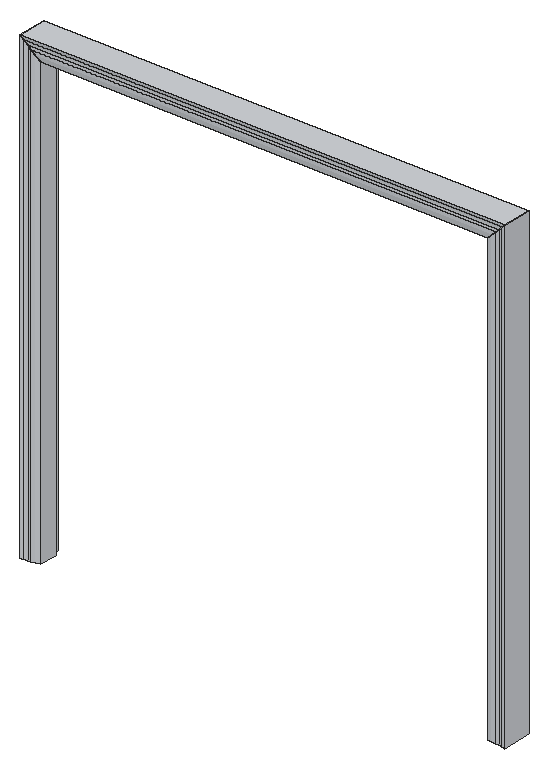
Revit family "Frame-100", category Doors, host Wall, Revit 2013
Parameters
  Version = "1.01"  # constant formula
  Throat Offset Interior [instance] = 0' - 0 1/2"
  Throat Offset Exterior [instance] = 0' - 0 1/2"
  Throat Depth Manual [instance] = 0' - 5"
  Throat Depth Actual [instance] = if(Throat By Wall Size, (Host Throat Report + Throat Offset Interior + Throat Offset Exterior), Throat Depth Manual)  # 0' - 5"
  Throat By Wall Size [instance] = yes
  Rough In Jamb Additional Width [instance] = 0' - 3"
  Rough In Head Additional Height [instance] = 0' - 3"
  Panel Thickness [instance] = 0' - 1.13446"
  Panel 2 Width [instance] = 4' - 0"
  Model = "Generice Frame"
  Manufacturer = "TruStile"  # constant formula
  Jamb Width = 0' - 3"
  Host Throat Report [instance] = 0' - 4"
  Host Push Side Inset Manual [instance] = 3' - 0"
  Host Push Side Inset Actual [instance] = if(Throat By Wall Size, 0' 0", Host Push Side Inset Manual)  # 0' - 0"
  Head Height = 0' - 3"
  Frame Panels Opening Width [instance] = 7' - 0"
  Frame Panels Opening Height [instance] = 7' - 0"
  Frame Finish Material [instance] = none
  Frame Cut Material = none
  Description = "Frame"
  Assembly Code = "C1020200"
  Analytic Construction = "<None>"
Reference planes (in)
  plane 1 "Center (Front/Back)": y = 0
  plane 2 "Center (Left/Right)": x = 0
  plane 3 "Wall Edge": y = 2
  plane 4 "Right": x = 42
  plane 5 "Left": x = -42
  plane 6 "Throat Rear": y = -2.5
  plane 7 "Throat/Panel Host": y = 2.5
  plane 8 "Wall Throat Rear (nohost)": y = -2.5
  plane 9 "Wall Thoat Front (nohost)": y = 2.5
  plane 10: z = 84
  plane 11: y = 2
  plane 12: y = -2
  plane 13: x = -45
  plane 14: x = 45
  plane 15: x = -48
  plane 16: x = 48
  plane 17: z = 87
  plane 18: z = 90
  plane 19 "Frame Mitre Rear": y = -3.5
  plane 20 "Frame Mitre Front": y = 3.5
Forms (in)
  Sweep 1, solid, material <- "Frame Cut Material"
    path origin (0, 2.5, 0) x (1, 0, 0) y (0, 0, 1)
      loop
        line (45, 0) -> (45, 87)
    profile origin (45, 2.5, 43.5) x (-1, 0, 0) y (0, -1, 0)
      loop
        arc (0, -0.5) -> (0.30951, -0.4788) -> (0.60982, -0.40093) r 1.67646
        arc (0.60982, -0.40093) -> (0.9491, -0.31059) -> (1.29885, -0.27979) r 2.03964
        arc (1.29885, -0.27979) -> (2.16074, -0.20866) -> (3, 0) r 5.36605
        line (3, 0) -> (3, 1.13446) -> (3.5, 1.13446) -> (3.5, 4.5)
        arc (3.5, 4.5) -> (2.71008, 4.70932) -> (1.89594, 4.77979) r 4.73798
        line (1.89594, 4.77979) -> (1.29885, 4.77979)
        arc (1.29885, 4.77979) -> (0.9491, 4.81059) -> (0.60982, 4.90093) r 2.03964
        arc (0.60982, 4.90093) -> (0.30951, 4.9788) -> (0, 5) r 1.67646
        line (0, 5) -> (0, -0.5)
  Sweep 2, solid, material <- "Frame Cut Material"
    path origin (0, 2.5, 0) x (-1, 0, 0) y (0, 0, 1)
      loop
        line (45, 0) -> (45, 87)
    profile origin (-45, 2.5, 43.5) x (-1, 0, 0) y (0, -1, 0)
      loop
        line (0, -0.5) -> (0, 5)
        arc (0, 5) -> (-0.30951, 4.9788) -> (-0.60982, 4.90093) r 1.67646
        arc (-0.60982, 4.90093) -> (-0.9491, 4.81059) -> (-1.29885, 4.77979) r 2.03964
        line (-1.29885, 4.77979) -> (-1.89594, 4.77979)
        arc (-1.89594, 4.77979) -> (-2.71008, 4.70932) -> (-3.5, 4.5) r 4.73798
        line (-3.5, 4.5) -> (-3.5, 1.13446) -> (-3, 1.13446) -> (-3, 0)
        arc (-3, 0) -> (-2.16074, -0.20866) -> (-1.29885, -0.27979) r 5.36605
        arc (-1.29885, -0.27979) -> (-0.9491, -0.31059) -> (-0.60982, -0.40093) r 2.03964
        arc (-0.60982, -0.40093) -> (-0.30951, -0.4788) -> (0, -0.5) r 1.67646
  Sweep 3, solid, material <- "Frame Cut Material"
    path origin (0, 2.5, 0) x (-1, 0, 0) y (0, 0, 1)
      loop
        line (45, 87) -> (-45, 87)
    profile origin (0, 2.5, 87) x (0, 0, 1) y (0, -1, 0)
      loop
        line (0, -0.5) -> (0, 5)
        arc (0, 5) -> (-0.30951, 4.9788) -> (-0.60982, 4.90093) r 1.67646
        arc (-0.60982, 4.90093) -> (-0.9491, 4.81059) -> (-1.29885, 4.77979) r 2.03964
        line (-1.29885, 4.77979) -> (-1.89594, 4.77979)
        arc (-1.89594, 4.77979) -> (-2.71008, 4.70932) -> (-3.5, 4.5) r 4.73798
        line (-3.5, 4.5) -> (-3.5, 1.13446) -> (-3, 1.13446) -> (-3, 0)
        arc (-3, 0) -> (-2.16074, -0.20866) -> (-1.29885, -0.27979) r 5.36605
        arc (-1.29885, -0.27979) -> (-0.9491, -0.31059) -> (-0.60982, -0.40093) r 2.03964
        arc (-0.60982, -0.40093) -> (-0.30951, -0.4788) -> (0, -0.5) r 1.67646
  Extrusion 4, void
    sketch origin (0, 2, 0) x (1, 0, 0) y (0, 0, 1)
      loop
        line (45, 87) -> (40.5, 87) -> (40.5, 82.5) -> (45, 87)
    from 5.5 to -1.5
  Extrusion 5, void
    sketch origin (0, 2, 0) x (1, 0, 0) y (0, 0, 1)
      loop
        line (45, 87) -> (40.5, 82.5) -> (45, 82.5) -> (45, 87)
    from 5.5 to -1.5
  Extrusion 6, void
    sketch origin (0, 2, 0) x (-1, 0, 0) y (0, 0, -1)
      loop
        line (45, -87) -> (40.5, -82.5) -> (40.5, -87) -> (45, -87)
    from 5.5 to -1.5
  Extrusion 7, void
    sketch origin (0, 2, 0) x (-1, 0, 0) y (0, 0, -1)
      loop
        line (45, -87) -> (45, -82.5) -> (40.5, -82.5) -> (45, -87)
    from 5.5 to -1.5
Cuts and joins
  Extrusion 4, Extrusion 6, Extrusion 7 cuts Sweep 1
  Extrusion 5, Extrusion 7 cuts Sweep 3
  Extrusion 6 cuts Sweep 2
Lines and regions (in)
  Opening 1
    outline origin (-60, -2, 0) x (1, 0, 0) y (0, 0, 1)
      loop
        line (108, 90) -> (12, 90) -> (12, 0) -> (108, 0) -> (108, 90)
Text (in)
  text "Placement Side" at (0, 40.15149, 123.01588), in view "Right"
  text "Placement Side" at (-86.8292, 93.20583, 0), in view "Ref. Level"
  text "Placement Side" at (0, 81.62555, 140.59947), in view "Left"
Dimensions and locks (in)
  locked: plane 3 "Wall Edge" to host wall
  equal spacing: plane 5 "Left", plane 2 "Center (Left/Right)", plane 4 "Right"
  "Host Push Side Inset Actual": plane 8 "Wall Throat Rear (nohost)" to plane 6 "Throat Rear"
  "Throat Depth Actual": plane 6 "Throat Rear" to plane 7 "Throat/Panel Host"
  "Throat Offset Interior": plane 8 "Wall Throat Rear (nohost)" to host wall
  "Throat Offset Exterior": plane 3 "Wall Edge" to plane 9 "Wall Thoat Front (nohost)"
  "Host Throat Report": host wall to host wall
  "Frame Panels Opening Height": level to plane 10
  "Throat Offset Exterior": plane 11 to plane 7 "Throat/Panel Host"
  "Throat Offset Interior": plane 6 "Throat Rear" to plane 12
  "Jamb Width": plane 13 to plane 5 "Left"
  "Jamb Width": plane 4 "Right" to plane 14
  "Frame Panels Opening Width": plane 5 "Left" to plane 4 "Right"
  "Rough In Jamb Additional Width": plane 15 to plane 13
  "Rough In Jamb Additional Width": plane 14 to plane 16
  "Head Height": plane 10 to plane 17
  "Rough In Head Additional Height": plane 17 to plane 18
  Sweep 1 sketch curve to Sweep 1 sketch curve to Sweep 1 sketch curve to Sweep 1 sketch curve to plane 6 "Throat Rear" to Sweep 1 sketch curve = 0' - 0.27979" locked, 0' - 0" locked, 0' - 0.12114" locked, 0' - 0.09907" locked, 0' - 0" locked
  Sweep 1 sketch curve to profile plane to Sweep 1 sketch curve to Sweep 1 sketch curve = 0' - 2.31943" locked, 0' - 1.17596" locked, 0' - 3.91029" locked
  Sweep 1 sketch curve to Sweep 1 sketch curve to profile plane to Sweep 1 sketch curve = 0' - 0.22021" locked, 0' - 0.27979" locked, 0' - 0" locked
  "Panel Thickness": profile plane to Sweep 1 sketch curve
  Sweep 2 sketch curve to Sweep 2 sketch curve to Sweep 2 sketch curve to Sweep 2 sketch curve to Sweep 2 sketch curve to plane 6 "Throat Rear" = 0' - 0.27979" locked, 0' - 0" locked, 0' - 0.12114" locked, 0' - 0.09907" locked, 0' - 0" locked
  Sweep 2 sketch curve to profile plane to Sweep 2 sketch curve to Sweep 2 sketch curve = 0' - 2.31943" locked, 0' - 1.17596" locked, 0' - 3.91029" locked
  Sweep 2 sketch curve to Sweep 2 sketch curve to profile plane to Sweep 2 sketch curve = 0' - 0.22021" locked, 0' - 0.27979" locked, 0' - 0" locked
  Sweep 3 sketch curve to plane 12 to Sweep 3 sketch curve to Sweep 3 sketch curve to Sweep 3 sketch curve to Sweep 3 sketch curve = 0' - 0" locked, 0' - 0.27979", 0' - 0" locked, 0' - 0.12114" locked, 0' - 0.09907" locked
  Sweep 3 sketch curve to profile plane to Sweep 3 sketch curve to Sweep 3 sketch curve = 0' - 2.31943" locked, 0' - 1.17596" locked, 0' - 3.91029" locked
  locked: plane 4 "Right" to Extrusion 4 sketch curve at 1.5
  locked: plane 20 "Frame Mitre Front" to plane 7 "Throat/Panel Host" at 1
  plane 6 "Throat Rear" to plane 19 "Frame Mitre Rear" = 0' - 1"
  locked: Extrusion 5 sketch curve to plane 10 at 1.5
  locked: plane 5 "Left" to Extrusion 6 sketch curve at 1.5
  locked: Extrusion 7 sketch curve to plane 10 at 1.5
  locked: Sweep 3 sketch curve to profile plane at 0.5
  "Panel Thickness": profile plane to Sweep 3 sketch curve
  "Panel Thickness": Sweep 2 sketch curve to profile plane
  locked: Extrusion 4 sketch curve to plane 17 (angle 45°)
  locked: plane 17 to Extrusion 6 sketch curve (angle 45°)
  locked: plane 10 to Extrusion 7 sketch curve (angle 45°)
  aligned and locked: Opening 1 sketch curve to plane 18
  aligned and locked: plane 16 to Opening 1 sketch curve
  aligned and locked: Opening 1 sketch curve to level
  aligned and locked: Opening 1 sketch curve to plane 15
  aligned and locked: level to Sweep 1 sketch curve
  aligned and locked: Sweep 1 sketch curve to plane 14
  aligned and locked: Sweep 2 sketch curve to plane 13
  aligned and locked: Sweep 3 sketch curve to plane 17
  aligned and locked: plane 17 to Sweep 1 sketch curve
  aligned and locked: plane 14 to Sweep 3 sketch curve
  aligned and locked: plane 13 to Sweep 3 sketch curve
  aligned and locked: Sweep 2 sketch curve to plane 17
  aligned and locked: plane 19 "Frame Mitre Rear" to Extrusion 4
  aligned and locked: Extrusion 4 to plane 20 "Frame Mitre Front"
  aligned and locked: Extrusion 5 to plane 20 "Frame Mitre Front"
  aligned and locked: plane 19 "Frame Mitre Rear" to Extrusion 5
  aligned and locked: Extrusion 6 to Extrusion 4  (x2)
  aligned and locked: Extrusion 7 to Extrusion 4  (x2)
  aligned and locked: Extrusion 5 sketch curve to plane 14
  aligned and locked: plane 17 to Extrusion 4 sketch curve
  aligned and locked: Extrusion 7 sketch curve to plane 13
  aligned and locked: Extrusion 6 sketch curve to plane 17
Automatic sketch dimensions
  Sweep 2 sketch curve to level = 0' - 0"
  Extrusion 4 sketch curve to plane 16 = 0' - 3"
  Extrusion 5 sketch curve to plane 18 = 0' - 3"
  Extrusion 5 sketch curve to plane 4 "Right" = 0' - 1 1/2"
  plane 18 to Extrusion 7 sketch curve = 0' - 3"
  Extrusion 6 sketch curve to plane 15 = 0' - 3"
  Sweep 1 sketch curve to profile plane = 0' - 0"
  Sweep 1 sketch curve to profile plane = 0' - 1.29885"
  Sweep 1 sketch curve to Sweep 1 sketch curve = 0' - 0.59709"
  Sweep 1 sketch curve to Sweep 1 sketch curve = 0' - 1.10406"
  Sweep 1 sketch curve to Sweep 1 sketch curve = 0' - 0 1/2"
  Sweep 1 sketch curve to profile plane = 0' - 0.04067"  (x2)
  Sweep 1 sketch curve to profile plane = 0' - 0.60982"  (x2)
  Sweep 1 sketch curve to Sweep 1 sketch curve = 0' - 0"
  Sweep 1 sketch curve to plane 7 "Throat/Panel Host" = 0' - 0.40093"
  Sweep 2 sketch curve to profile plane = 0' - 0"
  profile plane to Sweep 2 sketch curve = 0' - 1.29885"
  Sweep 2 sketch curve to Sweep 2 sketch curve = 0' - 0.59709"
  Sweep 2 sketch curve to Sweep 2 sketch curve = 0' - 1.10406"
  Sweep 2 sketch curve to Sweep 2 sketch curve = 0' - 1.60406"
  profile plane to Sweep 2 sketch curve = 0' - 1.30226"  (x2)
  Sweep 2 sketch curve to Sweep 2 sketch curve = 0' - 0"  (x2)
  profile plane to Sweep 2 sketch curve = 0' - 0.60982"
  Sweep 2 sketch curve to plane 7 "Throat/Panel Host" = 0' - 0.40093"
  Sweep 3 sketch curve to plane 7 "Throat/Panel Host" = 0' - 0"
  profile plane to Sweep 3 sketch curve = 0' - 0"
  profile plane to Sweep 3 sketch curve = 0' - 1.29885"
  Sweep 3 sketch curve to Sweep 3 sketch curve = 0' - 0.59709"
  Sweep 3 sketch curve to Sweep 3 sketch curve = 0' - 1.10406"
  Sweep 3 sketch curve to Sweep 3 sketch curve = 0' - 1.60406"
  profile plane to Sweep 3 sketch curve = 0' - 1.30226"  (x2)
  Sweep 3 sketch curve to plane 7 "Throat/Panel Host" = 0' - 0.27979"
  Sweep 3 sketch curve to Sweep 3 sketch curve = 0' - 0"  (x2)
  profile plane to Sweep 3 sketch curve = 0' - 0.60982"
  Sweep 3 sketch curve to plane 7 "Throat/Panel Host" = 0' - 0.40093"
